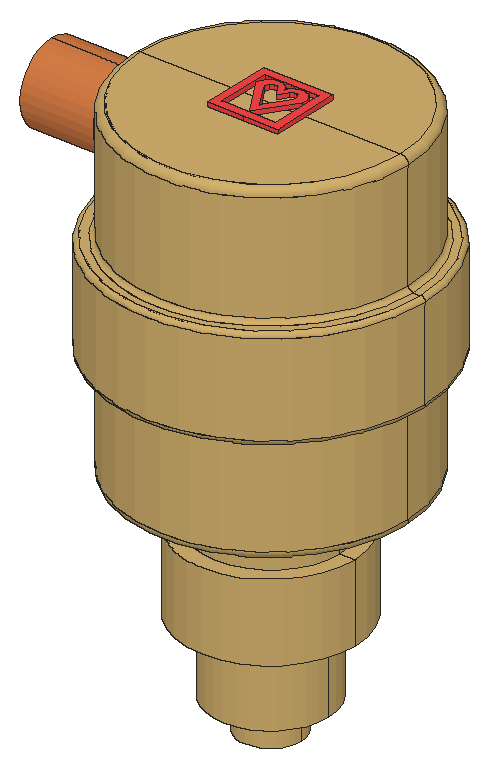
Revit family "Entlüfter 2630 11 (12)", category Rohrzubehör, Revit 2020
Family settings
  Bemaßung runder Anschluss = Durchmesser verwenden
  Teiletyp = Normal
  OmniClass-Nummer = 23.65.55.14
  OmniClass-Titel = Valves for Liquid Services
  Arbeitsebenenbasiert = Nein
  Immer vertikal = Ja
  Beim Laden mit Abzugskörper schneiden = Nein
  Gemeinsam genutzt = Nein
Parameters
  Vorgabe-Ansicht = 0.000 mm
  Schwimmer = "Polypropylen"  # constant formula
  SW = 11.000 mm  # constant formula
  SCRNSEQ = "AWI;AWI_TYP=\"1013\";1"
  SCRNCODE = "05;14;01"  # constant formula
  S05 = 19.000 mm  # constant formula
  S04 = 16.500 mm  # constant formula
  S03 = 24.500 mm  # constant formula
  S02 = 11.000 mm  # constant formula
  S01 = 56.000 mm  # constant formula
  Rückflussverhinderer = "Messing CW617N, EN 12165"  # constant formula
  Min.Betriebstemperatur = 0 °C  # constant formula
  Max.Strukturdruck = 1000000.0 Pa  # constant formula
  Max.Betriebstemperatur = 110 °C  # constant formula
  URL = "www.herz-armaturen.at"
  R02 = 0.600 mm  # constant formula
  R01 = 1.000 mm  # constant formula
  Nennweite [instance] = 15.000 mm
  Medium = "Heizungswasser nach ÖNORM H5195 oder VDI- Richtlinie 2035. Die Verwendung von Ethylen- oder Propyleneglykol in einem Mischungsverhältnis von 25 - 50% ist zulässig. EPDM-Dichtungen können durch Mineralöle und Schmiermittel beeinflusst werden, was zum Versagen der EPDM-Dichtungen führen kann. Bitte beachten Sie die Dokumentation des Herstellers, wenn Ethylenglykol-Produkte für den Frost- und Korrosionsschutz verwendet werden."
  Max.Betriebsdruck = 1000000.0 Pa  # constant formula
  L04 = L02 - L03  # 18.800 mm
  L03 = 9.500 mm  # constant formula
  L02 = 28.300 mm  # constant formula
  L01 = 4.000 mm  # constant formula
  Hersteller = "Herz-Armaturen GmbH"  # constant formula
  H11 = 10.000 mm  # constant formula
  H10 = 2.500 mm  # constant formula
  H09 [instance] = if(Nennweite = 10.000 mm, 30.000 mm, 26.000 mm)  # 26.000 mm
  H08 = H00 - 1.000 mm  # 55.000 mm
  H07 = H00 - 7.500 mm  # 48.500 mm
  H06 = 2.500 mm  # constant formula
  H05 = 9.000 mm  # constant formula
  H04 = 14.500 mm  # constant formula
  H03 = 15.500 mm  # constant formula
  H02 = 13.000 mm  # constant formula
  H01 = 9.500 mm  # constant formula
  H00 = 56.000 mm  # constant formula
  Gehäuse = "geschmiedetes Messing nach EN 12165, CW617N"  # constant formula
  G1 [instance] = Nennweite / 2  # 7.500 mm
  G = 5.000 mm  # constant formula
  Dichtung = "EPDM"  # constant formula
  Deckel = "geschmiedetes Messing nach EN 12165, CW617N"  # constant formula
  D08 = 4.000 mm  # constant formula
  D07 = 9.000 mm  # constant formula
  D06 = 3.400 mm  # constant formula
  D05 = 5.100 mm  # constant formula
  D04 = 12.500 mm  # constant formula
  D03 = 11.000 mm  # constant formula
  D02 = 20.000 mm  # constant formula
  D01 = 17.800 mm  # constant formula
  Bestellnummer [instance] = if(Nennweite = 10.000 mm, 1263011, if(Nennweite = 15.000 mm, 1263012, 0))  # 1263012
  Aussengewindeanschluss = "nach ISO 228"  # constant formula
  Anwendungsgebiet = "Der automatische Schnellentlüfter wird in Heizungs- und Kühlungssysteme zur Entlüftung der Anlage verwendet. Das Ventil sollte in der Nähe des Boilers oder am höchsten Punkt der Anlage installiert werden, um eine garantierte Entlüftung der Anlage an die Umgebung zu gewährleisten."
  Abdeckkappe = "ABS Kunststoff, Rot"  # constant formula
Reference planes
  plane 1 "Mitte (Vorne/hinten)": y = 0
  plane 2: z = 0
  plane 3 "Mitte (Links/rechts)": x = 0
Forms (mm)
  Revolve 1, solid, material "Messing", detail levels fine
    sketch origin (0, 0, 0) x (1, 0, 0) y (0, 0, 1)
      loop
        line (0, 56) -> (-16.8, 56)
        arc (-16.8, 56) -> (-17.507, 55.707) -> (-17.8, 55) r 1
        line (-17.8, 55) -> (-17.8, 41.1)
        arc (-17.8, 41.1) -> (-17.976, 40.676) -> (-18.4, 40.5) r 0.6
        line (-18.4, 40.5) -> (-19.4, 40.5)
        arc (-19.4, 40.5) -> (-19.824, 40.324) -> (-20, 39.9) r 0.6
        line (-20, 39.9) -> (-20, 28.1)
        arc (-20, 28.1) -> (-19.824, 27.676) -> (-19.4, 27.5) r 0.6
        line (-19.4, 27.5) -> (-18.4, 27.5)
        arc (-18.4, 27.5) -> (-17.976, 27.324) -> (-17.8, 26.9) r 0.6
        line (-17.8, 26.9) -> (-17.8, 14)
        arc (-17.8, 14) -> (-17.507, 13.293) -> (-16.8, 13) r 1
        line (-16.8, 13) -> (-13.8, 13) -> (-9, 9.5) -> (-5, 9.5) -> (-5, 0) -> (0, 0) -> (0, 56)
      axis (0, 56) -> (0, 0)
    angle from 0 to 360
  Revolve 2, solid, material "Messing", detail levels fine
    sketch origin (0, 0, 0) x (1, 0, 0) y (0, 0, 1)
      loop
        line (0, 48.5) -> (0, 51.9) -> (-18.8, 51.9) -> (-18.8, 48.5) -> (0, 48.5)
      axis (-18.8, 48.5) -> (0, 48.5)
    angle from 0 to 360
  Revolve 3, solid, material "Kunststoff-Orange", detail levels fine
    sketch origin (0, 0, 0) x (1, 0, 0) y (0, 0, 1)
      loop
        line (-28.3, 48.5) -> (-18.8, 48.5) -> (-18.8, 53.6) -> (-28.3, 53.6) -> (-28.3, 48.5)
      axis (-28.3, 48.5) -> (-18.8, 48.5)
    angle from 0 to 360
  Revolve 4, solid, material "Messing", detail levels fine
    sketch origin (0, 0, 0) x (1, 0, 0) y (0, 0, 1)
      loop
        line (-5, 9.5) -> (-9, 9.5) -> (-9, 7) -> (-11, 7) -> (-11, -3) -> (-7.5, -3) -> (-7.5, -12.5) -> (-4, -12.5) -> (-4, -16.5) -> (0, -16.5) -> (0, 0) -> (-5, 0) -> (-5, 9.5)
      axis (0, 9.5) -> (0, -16.5)
    angle from 0 to 360
Lines and regions (mm)
  model lines, detail levels coarse+medium
    curve 1: line (0, 0, 56) -> (-12.587, 0, 43.413)
    curve 2: line (0, 0, 56) -> (12.587, 0, 43.413)
    curve 3: circle (0, 0, 31.5) r 11 normal (0, -1, 0)
    curve 4: line (0, 0, 42.5) -> (0, 0, 56)
    curve 5: line (0, 0, 20.5) -> (0, 0, 0)
    curve 6: line (-9.5, 0, 0) -> (9.5, 0, 0)
    curve 7: line (9.5, 0, 0) -> (-8.886, 0, -16.5)
    curve 8: line (-8.886, 0, -16.5) -> (10.114, 0, -16.5)
    curve 9: circle (-8.886, 0, -16.5) r 5 normal (0, -1, 0)
    curve 10: line (0, 0, 56) -> (0, -12.587, 43.413)
    curve 11: line (0, 0, 56) -> (0, 12.587, 43.413)
    curve 12: circle (0, 0, 31.5) r 11 normal (1, 0, 0)
    curve 13: line (0, -9.5, 0) -> (0, 9.5, 0)
    curve 14: line (0, 9.5, 0) -> (0, -9.5, -16.5)
    curve 15: line (0, -9.5, -16.5) -> (0, 9.5, -16.5)
    curve 16: circle (0, -9.5, -16.5) r 5 normal (1, 0, 0)
    curve 17: line (0, 56, 0) -> (-12.587, 43.413, 0)
    curve 18: line (-12.587, 43.413, 0) -> (0, 56, 0)
    curve 19: line (0, 56, 0) -> (12.587, 43.413, 0)
    curve 20: circle (0, 31.5, 0) r 11 normal (0, 0, 1)
    curve 21: line (0, 42.5, 0) -> (0, 56, 0)
    curve 22: line (0, 20.5, 0) -> (0, 0, 0)
    curve 23: line (-9.5, 0, 0) -> (9.5, 0, 0)
    curve 24: line (9.5, 0, 0) -> (-9.5, -16.5, 0)
    curve 25: line (-9.5, -16.5, 0) -> (9.5, -16.5, 0)
    curve 26: circle (-9.5, -16.5, 0) r 5 normal (0, 0, 1)
Dimensions and locks
  "H02": Revolve 1 sketch curve to Revolve 1 sketch curve
  "H03": Revolve 1 sketch curve to Revolve 1 sketch curve
  "H04": Revolve 1 sketch curve to Revolve 1 sketch curve
  "L01": Revolve 1 sketch curve to Revolve 1 sketch curve  (x2)
  "D01": Revolve 1 sketch curve to Revolve 1 sketch curve  (x2)
  "D02": Revolve 1 sketch curve to Revolve 1 sketch curve
  "H07": Revolve 2 sketch curve to plane 2
  "D06": Revolve 2 sketch curve to Revolve 2 sketch curve
  "L02": plane 3 "Mitte (Links/rechts)" to Revolve 3 sketch curve
  "L03": Revolve 3 sketch curve to Revolve 3 sketch curve
  "D05": Revolve 3 sketch curve to Revolve 3 sketch curve
  "H07": Revolve 3 sketch curve to plane 2
  "L04": plane 3 "Mitte (Links/rechts)" to Revolve 2 sketch curve
  "H08": nested 1 to plane 2
  "G": Revolve 1 sketch curve to Revolve 1 sketch curve
  "H00": Revolve 1 sketch curve to Revolve 1 sketch curve
  "H01": Revolve 1 sketch curve to Revolve 1 sketch curve
  "G1": Revolve 4 sketch curve to Revolve 4 sketch curve
  "D07": Revolve 4 sketch curve to Revolve 4 sketch curve
  "D08": Revolve 4 sketch curve to Revolve 4 sketch curve
  "H09": Revolve 4 sketch curve to Revolve 4 sketch curve
  "H01": Revolve 4 sketch curve to Revolve 4 sketch curve  (x2)
  "H10": Revolve 4 sketch curve to Revolve 4 sketch curve
  "H11": Revolve 4 sketch curve to Revolve 4 sketch curve
  "SW": Revolve 4 sketch curve to Revolve 4 sketch curve
  "G": Revolve 4 sketch curve to Revolve 4 sketch curve
  "S01": curve 4 to plane 2
  "D01": curve 1 to curve 1
  "D01": curve 2 to curve 2
  "S03": curve 4 to curve 3
  "S05": curve 6 to curve 7
  "S05": curve 8 to curve 8
  "S04": curve 6 to curve 8
  "S01": curve 11 to plane 2
  "D01": curve 10 to curve 10
  "D01": curve 11 to curve 11
  "S03": curve 11 to curve 12
  "S04": curve 15 to curve 13
  "S05": curve 13 to curve 14
  "S05": curve 15 to curve 15
  "S01": plane 1 "Mitte (Vorne/hinten)" to curve 19
  "S03": curve 19 to curve 20
  "D01": curve 18 to curve 18
  "D01": curve 19 to curve 19
  "S05": curve 23 to curve 24
  "S05": curve 25 to curve 24
  "S04": curve 25 to curve 23
  "R01": radius of Revolve 1 sketch curve  (x2)
  "R02": radius of Revolve 1 sketch curve  (x4)
  "S02": radius of curve 3
  "S02": radius of curve 12
  "S02": radius of curve 20
  angle curve 1 to curve 4 = 45.00°
  angle curve 4 to curve 2 = 45.00°
  angle curve 10 to plane 1 "Mitte (Vorne/hinten)" = 45.00°
  angle plane 1 "Mitte (Vorne/hinten)" to curve 11 = 45.00°
  angle curve 18 to curve 21 = 45.00°
  angle curve 21 to curve 19 = 45.00°
  aligned and locked: level to plane 2
Automatic sketch dimensions
  curve 13 to level = 0.000 mm
  curve 10 to plane 1 "Mitte (Vorne/hinten)" = 0.000 mm
  curve 12 to plane 1 "Mitte (Vorne/hinten)" = 0.000 mm
  plane 1 "Mitte (Vorne/hinten)" to curve 14 = 9.500 mm
  curve 16 to curve 14 = 0.000 mm  (x2)
  curve 13 to plane 1 "Mitte (Vorne/hinten)" = 9.500 mm
  curve 6 to level = 0.000 mm
  curve 4 to plane 3 "Mitte (Links/rechts)" = 0.000 mm
  curve 5 to plane 3 "Mitte (Links/rechts)" = 0.000 mm
  curve 3 to plane 3 "Mitte (Links/rechts)" = 0.000 mm
  curve 9 to plane 3 "Mitte (Links/rechts)" = 8.886 mm
  curve 8 to curve 9 = 0.000 mm
  plane 3 "Mitte (Links/rechts)" to curve 6 = 9.500 mm
  curve 9 to curve 7 = 0.000 mm
  plane 1 "Mitte (Vorne/hinten)" to curve 23 = 0.000 mm
  curve 21 to plane 3 "Mitte (Links/rechts)" = 0.000 mm
  curve 22 to plane 3 "Mitte (Links/rechts)" = 0.000 mm
  curve 20 to plane 3 "Mitte (Links/rechts)" = 0.000 mm
  curve 26 to plane 3 "Mitte (Links/rechts)" = 9.500 mm
  curve 24 to curve 26 = 0.000 mm
  curve 22 to curve 23 = 9.500 mm
  curve 26 to curve 24 = 0.000 mm
  Revolve 1 sketch curve to level = 0.000 mm
  Revolve 1 sketch curve to plane 3 "Mitte (Links/rechts)" = 0.000 mm
  plane 3 "Mitte (Links/rechts)" to Revolve 1 sketch curve = 0.000 mm
  Revolve 1 sketch curve to Revolve 1 sketch curve = 2000.000 mm
  Revolve 1 sketch curve to Revolve 1 sketch curve = 1932.500 mm
  Revolve 2 sketch curve to plane 3 "Mitte (Links/rechts)" = 0.000 mm  (x2)
  Revolve 2 sketch curve to Revolve 2 sketch curve = 0.000 mm  (x2)
  Revolve 3 sketch curve to Revolve 3 sketch curve = 0.000 mm  (x3)
  Revolve 4 sketch curve to level = 0.000 mm
  Revolve 4 sketch curve to plane 3 "Mitte (Links/rechts)" = 0.000 mm  (x2)
  Revolve 4 sketch curve to Revolve 4 sketch curve = 340.545 mm
  Revolve 4 sketch curve to Revolve 4 sketch curve = 2204.815 mm
  radius of curve 16 = 5.000 mm
  radius of curve 9 = 5.000 mm
  radius of curve 26 = 5.000 mm
Nested families
  nested 1: "Herz-Logo" at (0, 0, 55), type "Herz-Logo", detail levels fine
Connectors
  piping at (0, 0, -12.5), diameter 15, driven by "Nennweite"
    settings: on Revolve 4, index 1, connector inside diameter 609.6 mm, connector length 0.000 mm, flow factor 0, pipe flow 0.0 L/s, pressure drop 0.0 Pa, fitting loss kfactor 0, connector angle 0.00°, fixture units 0, engagement length 0.000 mm, angle of deflection 0.00°, flow configuration 0, flow direction 0, fitting loss method 0, system type 7, joint type 0, gender type 0, connector reference index -1, connector utility 0, adjustable connector no, is connector primary yes, connector description ""
Definition of nested family "Herz-Logo"
  Parameters (values of type "Herz-Logo")
    Default Elevation = 0.000 mm
  Reference planes
    plane 1 "Mitte (Vorne/hinten)": y = 0
    plane 2: z = 0
    plane 3 "Mitte (Links/rechts)": x = 0
  Forms (mm)
    Extrusion 1, solid
      sketch origin (0, 0, 0) x (1, 0, 0) y (0, 1, 0)
        loop
          line (-0.018, -4.517) -> (4.482, -4.517) -> (4.482, 4.483) -> (-4.518, 4.483) -> (-4.518, -4.517) -> (-0.018, -4.517)
        loop
          line (-0.05, -3.48) -> (3.482, -3.48) -> (3.482, 3.483) -> (-3.518, 3.483) -> (-3.518, -3.48) -> (-0.05, -3.48)
        loop
          arc (-0.018, 2.383) -> (-1.543, 3.287) -> (-3.067, 2.383) r 1.738
          arc (-3.067, 2.383) -> (-3.191, 1.899) -> (-3.067, 1.415) r 1.009
          line (-3.067, 1.415) -> (-0.018, -3.281) -> (3.032, 1.415)
          arc (3.032, 1.415) -> (3.156, 1.899) -> (3.032, 2.383) r 1.009
          arc (3.032, 2.383) -> (1.507, 3.287) -> (-0.018, 2.383) r 1.738
        loop
          arc (1.885, 1.272) -> (2.005, 1.675) -> (1.885, 2.079) r 0.74
          arc (1.885, 2.079) -> (1.265, 2.416) -> (0.644, 2.079) r 0.74
          line (0.644, 2.079) -> (-0.018, 0.97) -> (-0.679, 2.079)
          arc (-0.679, 2.079) -> (-1.3, 2.416) -> (-1.921, 2.079) r 0.74
          arc (-1.921, 2.079) -> (-2.04, 1.675) -> (-1.921, 1.272) r 0.74
          line (-1.921, 1.272) -> (-0.018, -1.658) -> (1.885, 1.272)
      from 0 to 1.5
  Dimensions and locks
    aligned and locked: level to plane 2
